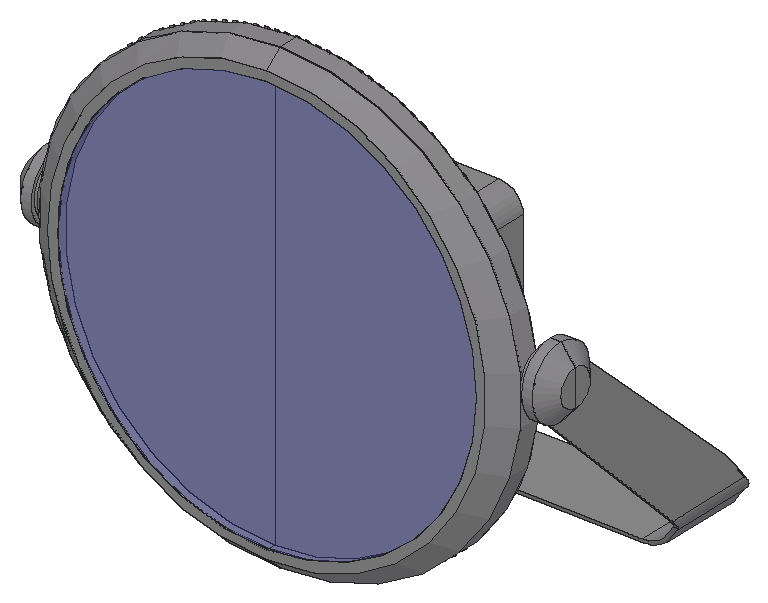
Revit family "APEX-800SP-50701-TR", category Lighting Fixtures, host Face, Revit 2022
Family settings
  Host = Face
  Round Connector Dimension = Use Diameter
  Part Type = Normal
  Cut with Voids When Loaded = Yes
  Light Source = Yes
  Maintain Annotation Orientation = No
  Shared = No
  Room Calculation Point = No
Parameters (values of type "APEX-800SP-800W-5000K-12D")
  Wattage Comments = "800W"
  Wattage = 894.023 W
  built-in parameter 1150110 = 1 (stored number, unit not read)
  URL = "https://www.abovealllighting.com/Product/LED-OUTDOOR-FIXTURES/LEDSportLight/APEXLEDSportLight-TrunnionMount.html"
  built-in parameter 1114217 = 1 (stored number, unit not read)
  Tilt Angle = 90.00°
  built-in parameter 1150109 = 1 (stored number, unit not read)
  built-in parameter 1150134 = 2
  built-in parameter 1150113 = 1 (stored number, unit not read)
  Power Factor = "0.9"
  Photometric Web File = "APEX-800SP-800W-5000K-CRI70-12D.IES"
  Model = "APEX-800SP-50701-TR-12-GY"
  Manufacturer = "Above All Lighting"  # constant formula
  built-in parameter 1150105 = 10567.9 (stored number, unit not read)
  Lumens = 132800 lm
  built-in parameter 1150115 = 1 (stored number, unit not read)
  Load Classification = Lighting
  built-in parameter 1150137 = (empty or 0)
  built-in parameter 1150139 = (empty or 0)
  built-in parameter 1150112 = 1 (stored number, unit not read)
  built-in parameter 1150114 = 1 (stored number, unit not read)
  Lamp = "LED"
  Input Voltage = "120-277V"
  built-in parameter 1150132 = 2
  built-in parameter 1150102 = (empty or 0)
  built-in parameter 1150107 = 5000 (stored number, unit not read)
  built-in parameter 1150138 = (empty or 0)
  built-in parameter 1150106 = 105.68 (stored number, unit not read)
  IP Rating = "IP66"
  IK Rating = "IK08"
  built-in parameter 1150104 = 13.8 (stored number, unit not read)
  Dimming Lamp Color Temperature Shift = <None>
  Default Elevation = 0' - 0"
  Color Filter = 16777215
  CRI = "70"
  Beam Angle = 12.00°
  built-in parameter 1114218 = 1 (stored number, unit not read)
  built-in parameter 1150133 = 10 (stored number, unit not read)
Types (7): name | Photometric Web File | Model | Beam Angle
  (no name) | "APEX-800SP-800W-5000K-CRI70-12D.IES" | "APEX-800SP-50701-TR-12-GY" | 12.00°
  APEX-800SP-800W-5000K-12D | "APEX-800SP-800W-5000K-CRI70-12D.IES" | "APEX-800SP-50701-TR-12-GY" | 12.00°
  APEX-800SP-800W-5000K-17D | "APEX-800SP-800W-5000K-CRI70-17D.IES" | "APEX-800SP-50701-TR-17-GY" | 17.00°
  APEX-800SP-800W-5000K-22D | "APEX-800SP-800W-5000K-CRI70-22D.IES" | "APEX-800SP-50701-TR-22-GY" | 22.00°
  APEX-800SP-800W-5000K-30D | "APEX-800SP-800W-5000K-CRI70-30D.IES" | "APEX-800SP-50701-TR-30-GY" | 30.00°
  APEX-800SP-800W-5000K-45D | "APEX-800SP-800W-5000K-CRI70-45D.IES" | "APEX-800SP-50701-TR-45-GY" | 45.00°
  APEX-800SP-800W-5000K-60D | "APEX-800SP-800W-5000K-CRI70-60D.IES" | "APEX-800SP-50701-TR-60-GY" | 60.00°
Reference planes (in)
  plane 1 "Center (Front/Back)": y = 0
  plane 2: z = 0
  plane 3 "Center (Left/Right)": x = 0
  plane 4: z = 20.77
  plane 5: x = -11.1
  plane 6: x = 11.1
  plane 7: y = 12.83
  plane 8: z = 10.06023
Forms (in)
  Extrusion 1, void
    sketch origin (0, 12.75, 2.80821) x (1, 0, 0) y (0, 0, 1)
      loop
        line (5.49708, 16.395) -> (5.49708, -2.5) -> (5.77638, -2.5) -> (5.77638, 16.395) -> (5.49708, 16.395)
      loop
        line (5.07886, 16.395) -> (5.07886, -2.5) -> (5.35816, -2.5) -> (5.35816, 16.395) -> (5.07886, 16.395)
      loop
        line (4.66063, 16.395) -> (4.66063, -2.5) -> (4.93993, -2.5) -> (4.93993, 16.395) -> (4.66063, 16.395)
      loop
        line (4.24241, 16.395) -> (4.24241, -2.5) -> (4.52171, -2.5) -> (4.52171, 16.395) -> (4.24241, 16.395)
      loop
        line (3.82419, 16.395) -> (3.82419, -2.5) -> (4.10349, -2.5) -> (4.10349, 16.395) -> (3.82419, 16.395)
      loop
        line (3.40597, 16.395) -> (3.40597, -2.5) -> (3.68527, -2.5) -> (3.68527, 16.395) -> (3.40597, 16.395)
      loop
        line (2.98775, 16.395) -> (2.98775, -2.5) -> (3.26705, -2.5) -> (3.26705, 16.395) -> (2.98775, 16.395)
      loop
        line (2.56953, 16.395) -> (2.56953, -2.5) -> (2.84883, -2.5) -> (2.84883, 16.395) -> (2.56953, 16.395)
      loop
        line (2.1513, 16.395) -> (2.1513, -2.5) -> (2.4306, -2.5) -> (2.4306, 16.395) -> (2.1513, 16.395)
      loop
        line (1.73308, 16.395) -> (1.73308, -2.5) -> (2.01238, -2.5) -> (2.01238, 16.395) -> (1.73308, 16.395)
      loop
        line (1.31486, 16.395) -> (1.31486, -2.5) -> (1.59416, -2.5) -> (1.59416, 16.395) -> (1.31486, 16.395)
      loop
        line (0.89664, 16.395) -> (0.89664, -2.5) -> (1.17594, -2.5) -> (1.17594, 16.395) -> (0.89664, 16.395)
      loop
        line (0.47842, 16.395) -> (0.47842, -2.5) -> (0.75772, -2.5) -> (0.75772, 16.395) -> (0.47842, 16.395)
      loop
        line (0.06019, 16.395) -> (0.06019, -2.5) -> (0.33949, -2.5) -> (0.33949, 16.395) -> (0.06019, 16.395)
      loop
        line (-5.49708, 16.395) -> (-5.77638, 16.395) -> (-5.77638, -2.5) -> (-5.49708, -2.5) -> (-5.49708, 16.395)
      loop
        line (-5.07886, 16.395) -> (-5.35816, 16.395) -> (-5.35816, -2.5) -> (-5.07886, -2.5) -> (-5.07886, 16.395)
      loop
        line (-4.66063, 16.395) -> (-4.93993, 16.395) -> (-4.93993, -2.5) -> (-4.66063, -2.5) -> (-4.66063, 16.395)
      loop
        line (-4.24241, 16.395) -> (-4.52171, 16.395) -> (-4.52171, -2.5) -> (-4.24241, -2.5) -> (-4.24241, 16.395)
      loop
        line (-3.82419, 16.395) -> (-4.10349, 16.395) -> (-4.10349, -2.5) -> (-3.82419, -2.5) -> (-3.82419, 16.395)
      loop
        line (-3.40597, 16.395) -> (-3.68527, 16.395) -> (-3.68527, -2.5) -> (-3.40597, -2.5) -> (-3.40597, 16.395)
      loop
        line (-2.98775, 16.395) -> (-3.26705, 16.395) -> (-3.26705, -2.5) -> (-2.98775, -2.5) -> (-2.98775, 16.395)
      loop
        line (-2.56953, 16.395) -> (-2.84883, 16.395) -> (-2.84883, -2.5) -> (-2.56953, -2.5) -> (-2.56953, 16.395)
      loop
        line (-2.1513, 16.395) -> (-2.4306, 16.395) -> (-2.4306, -2.5) -> (-2.1513, -2.5) -> (-2.1513, 16.395)
      loop
        line (-1.73308, 16.395) -> (-2.01238, 16.395) -> (-2.01238, -2.5) -> (-1.73308, -2.5) -> (-1.73308, 16.395)
      loop
        line (-1.31486, 16.395) -> (-1.59416, 16.395) -> (-1.59416, -2.5) -> (-1.31486, -2.5) -> (-1.31486, 16.395)
      loop
        line (-0.89664, 16.38524) -> (-1.17594, 16.38524) -> (-1.17594, -2.5) -> (-0.89664, -2.5) -> (-0.89664, 16.38524)
      loop
        line (-0.47842, 16.395) -> (-0.75772, 16.395) -> (-0.75772, -2.5) -> (-0.47842, -2.5) -> (-0.47842, 16.395)
      loop
        line (-0.06019, 16.38524) -> (-0.33949, 16.38524) -> (-0.33949, -2.5) -> (-0.06019, -2.5) -> (-0.06019, 16.38524)
      loop
        line (6.33352, 16.395) -> (6.33352, -2.5) -> (6.61282, -2.5) -> (6.61282, 16.395) -> (6.33352, 16.395)
      loop
        line (5.9153, 16.395) -> (5.9153, -2.5) -> (6.1946, -2.5) -> (6.1946, 16.395) -> (5.9153, 16.395)
      loop
        line (-6.33352, 16.395) -> (-6.61282, 16.395) -> (-6.61282, -2.5) -> (-6.33352, -2.5) -> (-6.33352, 16.395)
      loop
        line (-5.9153, 16.395) -> (-6.1946, 16.395) -> (-6.1946, -2.5) -> (-5.9153, -2.5) -> (-5.9153, 16.395)
      loop
        line (-7.16997, 16.395) -> (-7.44927, 16.395) -> (-7.44927, -2.5) -> (-7.16997, -2.5) -> (-7.16997, 16.395)
      loop
        line (-6.75174, 16.395) -> (-7.03104, 16.395) -> (-7.03104, -2.5) -> (-6.75174, -2.5) -> (-6.75174, 16.395)
      loop
        line (7.16997, 16.395) -> (7.16997, -2.5) -> (7.44927, -2.5) -> (7.44927, 16.395) -> (7.16997, 16.395)
      loop
        line (6.75174, 16.395) -> (6.75174, -2.5) -> (7.03104, -2.5) -> (7.03104, 16.395) -> (6.75174, 16.395)
    from 9.99863 to 11.24863
  Revolve 2, void
    sketch origin (0, 0, 2.80821) x (0, 1, 0) y (0, 0, 1)
      loop
        line (-0.23932, 6.87904) -> (0.3619, 6.87904) -> (0.3619, 15.2512) -> (-0.23932, 15.2512) -> (-0.23932, 6.87904)
      axis (0.3619, 6.87904) -> (-0.23932, 6.87904)
    angle from 0 to 360
  Extrusion 3, solid, material "Default"
    sketch origin (0, 15, 2.80821) x (1, 0, 0) y (0, 0, 1)
      loop
        line (4.54129, 10.75919) -> (-4.54129, 10.75919)
        arc (-4.54129, 10.75919) -> (-5.21714, 10.47925) -> (-5.49708, 9.80341) r 0.95578
        line (-5.49708, 9.80341) -> (-5.49708, 4.87612)
        arc (-5.49708, 4.87612) -> (-5.21714, 4.20028) -> (-4.54129, 3.92033) r 0.95578
        line (-4.54129, 3.92033) -> (4.54129, 3.92033)
        arc (4.54129, 3.92033) -> (5.21714, 4.20028) -> (5.49708, 4.87612) r 0.95578
        line (5.49708, 4.87612) -> (5.49708, 9.80341)
        arc (5.49708, 9.80341) -> (5.21714, 10.47925) -> (4.54129, 10.75919) r 0.95578
    from 9.10697 to 12.5
  Extrusion 4, solid, material "Default"
    sketch origin (0, 13.40137, 0) x (1, 0, 0) y (0, 0, 1)
      loop
        line (-9.64141, 11.36799) -> (-9.79259, 11.36799) -> (-9.79259, 2.26091)
        arc (-9.79259, 2.26091) -> (-9.70561, 1.86857) -> (-9.46097, 1.54976) r 0.92834
        line (-9.46097, 1.54976) -> (-8.52787, 0.49274)
        arc (-8.52787, 0.49274) -> (-8.01368, 0.15382) -> (-7.41736, 0) r 1.87274
        line (-7.41736, 0) -> (0, 0) -> (7.41736, 0)
        arc (7.41736, 0) -> (8.01368, 0.15382) -> (8.52787, 0.49274) r 1.87274
        line (8.52787, 0.49274) -> (9.46097, 1.54976)
        arc (9.46097, 1.54976) -> (9.70561, 1.86857) -> (9.79259, 2.26091) r 0.92834
        line (9.79259, 2.26091) -> (9.79259, 11.36799) -> (9.64141, 11.36799) -> (9.64141, 2.26091)
        arc (9.64141, 2.26091) -> (9.56629, 1.92757) -> (9.35546, 1.65867) r 0.77716
        line (9.35546, 1.65867) -> (8.41963, 0.59856)
        arc (8.41963, 0.59856) -> (7.95195, 0.29182) -> (7.41062, 0.15118) r 1.72156
        line (7.41062, 0.15118) -> (0, 0.15118) -> (-7.41062, 0.15118)
        arc (-7.41062, 0.15118) -> (-7.95195, 0.29182) -> (-8.41963, 0.59856) r 1.72156
        line (-8.41963, 0.59856) -> (-9.35546, 1.65867)
        arc (-9.35546, 1.65867) -> (-9.56629, 1.92757) -> (-9.64141, 2.26091) r 0.77716
        line (-9.64141, 2.26091) -> (-9.64141, 11.36799)
    from 0.24678 to 13.03947
  Extrusion 5, void
    sketch origin (0, 0, 0) x (0, 1, 0) y (0, 0, 1)
      loop
        spline (10.57224, 3.51305) -> (10.80505, 3.26837) -> (11.02966, 3.01513) -> (11.24609, 2.75332) -> (11.45433, 2.48296) -> (11.65439, 2.20403) -> (11.84625, 1.91653) -> (12.02993, 1.62048) -> (12.20542, 1.31586) -> (12.37271, 1.00268) -> (12.53183, 0.68094) -> (12.68275, 0.35064) -> (12.82548, 0.01177)
        line (12.82548, 0.01177) -> (12.82548, -0.31733) -> (13.15459, -0.31733) -> (13.15459, 11.8679) -> (-0.78521, 11.8679) -> (-0.78521, -0.09259) -> (9.5446, -0.09259)
        spline (9.5446, -0.09259) -> (9.48478, 0.07373) -> (9.42108, 0.23648) -> (9.3535, 0.39567) -> (9.28204, 0.5513) -> (9.2067, 0.70337) -> (9.12748, 0.85188) -> (9.04438, 0.99683) -> (8.9574, 1.13822) -> (8.86654, 1.27605) -> (8.77181, 1.41031) -> (8.67319, 1.54102) -> (8.57069, 1.66816)
        line (8.57069, 1.66816) -> (0.9267, 9.31215)
        arc (0.9267, 9.31215) -> (0.8888, 10.92691) -> (2.5, 11.04054) r 1.1699
        line (2.5, 11.04054) -> (10.57224, 3.51305)
    from -11.1 to 11.1
  Revolve 6, solid, material "Default"
    sketch origin (-1.2, 1.89632, 0.625) x (1, 0, 0) y (0, 0, 1)
      loop
        line (-8.59259, 9.43523) -> (-8.59259, 10.86007) -> (-9.00426, 10.86007) -> (-9.59369, 10.15761) -> (-9.59369, 9.43523) -> (-8.59259, 9.43523)
      axis (-8.59259, 9.43523) -> (-9.59369, 9.43523)
    angle from 0 to 360
  SweptBlend 7, solid, material "Default"
    path origin (0, 0, 2.80821) x (0, 1, 0) y (0, 0, 1)
      loop
        line (0, 7.25202) -> (0.65872, 7.25202)
    profile origin (0, 0, 10.06023) x (0, 0, 1) y (1, 0, 0)
      loop
        circle (-0.37298, 0) r 8.75
    end profile origin (0, 0.65872, 10.06023) x (0, 0, 1) y (1, 0, 0)
      loop
        spline (8.93949, 0) -> (8.62221, 2.49538) -> (7.69199, 4.82071) -> (6.21222, 6.81751) -> (4.28375, 8.34971) -> (2.03799, 9.31289) -> (-0.372, 9.64141) -> (-2.78199, 9.31289) -> (-5.02774, 8.34971) -> (-6.95622, 6.81751) -> (-8.43599, 4.82071) -> (-9.36621, 2.49538) -> (-9.68349, 0)
        spline (-9.68349, 0) -> (-9.36621, -2.49538) -> (-8.43599, -4.82071) -> (-6.95622, -6.81751) -> (-5.02774, -8.34971) -> (-2.78199, -9.31289) -> (-0.372, -9.64141) -> (2.03799, -9.31289) -> (4.28375, -8.34971) -> (6.21222, -6.81751) -> (7.69199, -4.82071) -> (8.62221, -2.49538) -> (8.93949, 0)
  Extrusion 8, solid, material "Glass"
    sketch origin (0, 0, 2.80821) x (1, 0, 0) y (0, 0, 1)
      loop
        circle (0, 6.87418) r 8.37217
    from -0.06301 to 0
  SweptBlend 9, solid, material "Default"
    path origin (0, 0, 2.80821) x (0, 1, 0) y (0, 0, 1)
      loop
        line (1.50137, 7.25202) -> (2.75137, 7.25202)
    profile origin (0, 1.50137, 10.06023) x (0, 0, 1) y (1, 0, 0)
      loop
        spline (8.93949, 0) -> (8.62221, 2.4925) -> (7.69199, 4.81515) -> (6.21222, 6.80965) -> (4.28375, 8.34008) -> (2.03799, 9.30215) -> (-0.372, 9.63029) -> (-2.78199, 9.30215) -> (-5.02774, 8.34008) -> (-6.95622, 6.80965) -> (-8.43599, 4.81515) -> (-9.36621, 2.4925) -> (-9.68349, 0)
        spline (-9.68349, 0) -> (-9.36621, -2.4925) -> (-8.43599, -4.81515) -> (-6.95622, -6.80965) -> (-5.02774, -8.34008) -> (-2.78199, -9.30215) -> (-0.372, -9.63029) -> (2.03799, -9.30215) -> (4.28375, -8.34008) -> (6.21222, -6.80965) -> (7.69199, -4.81515) -> (8.62221, -2.4925) -> (8.93949, 0)
    end profile origin (0, 2.75137, 10.06023) x (0, 0, 1) y (1, 0, 0)
      loop
        circle (-0.25, 0) r 7.5
  Extrusion 10, solid, material "Default"
    sketch origin (0, 0, 2.80821) x (1, 0, 0) y (0, 0, 1)
      loop
        spline (0, 16.19151) -> (-2.49538, 15.87423) -> (-4.82071, 14.94401) -> (-6.81751, 13.46424) -> (-8.34971, 11.53576) -> (-9.31289, 9.29001) -> (-9.64141, 6.88002) -> (-9.31289, 4.47003) -> (-8.34971, 2.22427) -> (-6.81751, 0.2958) -> (-4.82071, -1.18397) -> (-2.49538, -2.11419) -> (0, -2.43147)
        spline (0, -2.43147) -> (2.49538, -2.11419) -> (4.82071, -1.18397) -> (6.81751, 0.2958) -> (8.34971, 2.22427) -> (9.31289, 4.47003) -> (9.64141, 6.88002) -> (9.31289, 9.29001) -> (8.34971, 11.53576) -> (6.81751, 13.46424) -> (4.82071, 14.94401) -> (2.49538, 15.87423) -> (0, 16.19151)
    from -1.50137 to -0.65872
  Extrusion 11, solid, material "Default", not visible
    sketch origin (0, 13.40137, 0) x (1, 0, 0) y (0, 0, 1)
      loop
        line (-9.64141, 11.36799) -> (-9.79259, 11.36799) -> (-9.79259, 2.26091)
        arc (-9.79259, 2.26091) -> (-9.70561, 1.86857) -> (-9.46097, 1.54976) r 0.92834
        line (-9.46097, 1.54976) -> (-8.52787, 0.49274)
        arc (-8.52787, 0.49274) -> (-8.01368, 0.15382) -> (-7.41736, 0) r 1.87274
        line (-7.41736, 0) -> (0, 0) -> (7.41736, 0)
        arc (7.41736, 0) -> (8.01368, 0.15382) -> (8.52787, 0.49274) r 1.87274
        line (8.52787, 0.49274) -> (9.46097, 1.54976)
        arc (9.46097, 1.54976) -> (9.70561, 1.86857) -> (9.79259, 2.26091) r 0.92834
        line (9.79259, 2.26091) -> (9.79259, 11.36799) -> (9.64141, 11.36799) -> (9.64141, 2.26091)
        arc (9.64141, 2.26091) -> (9.56629, 1.92757) -> (9.35546, 1.65867) r 0.77716
        line (9.35546, 1.65867) -> (8.41963, 0.59856)
        arc (8.41963, 0.59856) -> (7.95195, 0.29182) -> (7.41062, 0.15118) r 1.72156
        line (7.41062, 0.15118) -> (0, 0.15118) -> (-7.41062, 0.15118)
        arc (-7.41062, 0.15118) -> (-7.95195, 0.29182) -> (-8.41963, 0.59856) r 1.72156
        line (-8.41963, 0.59856) -> (-9.35546, 1.65867)
        arc (-9.35546, 1.65867) -> (-9.56629, 1.92757) -> (-9.64141, 2.26091) r 0.77716
        line (-9.64141, 2.26091) -> (-9.64141, 11.36799)
    from 0.24678 to 13.03947
  Revolve 12, solid, material "Default", not visible
    sketch origin (-1.2, 1.89632, 0.625) x (1, 0, 0) y (0, 0, 1)
      loop
        line (-8.59259, 9.43523) -> (-8.59259, 10.86007) -> (-9.00426, 10.86007) -> (-9.59369, 10.15761) -> (-9.59369, 9.43523) -> (-8.59259, 9.43523)
      axis (-8.59259, 9.43523) -> (-9.59369, 9.43523)
    angle from 0 to 360
  Extrusion 13, void, not visible
    sketch origin (0, 12.75, 0) x (1, 0, 0) y (0, 0, 1)
      loop
        line (5.49708, 16.395) -> (5.49708, -2.5) -> (5.77638, -2.5) -> (5.77638, 16.395) -> (5.49708, 16.395)
      loop
        line (5.07886, 16.395) -> (5.07886, -2.5) -> (5.35816, -2.5) -> (5.35816, 16.395) -> (5.07886, 16.395)
      loop
        line (4.66063, 16.395) -> (4.66063, -2.5) -> (4.93993, -2.5) -> (4.93993, 16.395) -> (4.66063, 16.395)
      loop
        line (4.24241, 16.395) -> (4.24241, -2.5) -> (4.52171, -2.5) -> (4.52171, 16.395) -> (4.24241, 16.395)
      loop
        line (3.82419, 16.395) -> (3.82419, -2.5) -> (4.10349, -2.5) -> (4.10349, 16.395) -> (3.82419, 16.395)
      loop
        line (3.40597, 16.395) -> (3.40597, -2.5) -> (3.68527, -2.5) -> (3.68527, 16.395) -> (3.40597, 16.395)
      loop
        line (2.98775, 16.395) -> (2.98775, -2.5) -> (3.26705, -2.5) -> (3.26705, 16.395) -> (2.98775, 16.395)
      loop
        line (2.56953, 16.395) -> (2.56953, -2.5) -> (2.84883, -2.5) -> (2.84883, 16.395) -> (2.56953, 16.395)
      loop
        line (2.1513, 16.395) -> (2.1513, -2.5) -> (2.4306, -2.5) -> (2.4306, 16.395) -> (2.1513, 16.395)
      loop
        line (1.73308, 16.395) -> (1.73308, -2.5) -> (2.01238, -2.5) -> (2.01238, 16.395) -> (1.73308, 16.395)
      loop
        line (1.31486, 16.395) -> (1.31486, -2.5) -> (1.59416, -2.5) -> (1.59416, 16.395) -> (1.31486, 16.395)
      loop
        line (0.89664, 16.395) -> (0.89664, -2.5) -> (1.17594, -2.5) -> (1.17594, 16.395) -> (0.89664, 16.395)
      loop
        line (0.47842, 16.395) -> (0.47842, -2.5) -> (0.75772, -2.5) -> (0.75772, 16.395) -> (0.47842, 16.395)
      loop
        line (0.06019, 16.395) -> (0.06019, -2.5) -> (0.33949, -2.5) -> (0.33949, 16.395) -> (0.06019, 16.395)
      loop
        line (-5.49708, 16.395) -> (-5.77638, 16.395) -> (-5.77638, -2.5) -> (-5.49708, -2.5) -> (-5.49708, 16.395)
      loop
        line (-5.07886, 16.395) -> (-5.35816, 16.395) -> (-5.35816, -2.5) -> (-5.07886, -2.5) -> (-5.07886, 16.395)
      loop
        line (-4.66063, 16.395) -> (-4.93993, 16.395) -> (-4.93993, -2.5) -> (-4.66063, -2.5) -> (-4.66063, 16.395)
      loop
        line (-4.24241, 16.395) -> (-4.52171, 16.395) -> (-4.52171, -2.5) -> (-4.24241, -2.5) -> (-4.24241, 16.395)
      loop
        line (-3.82419, 16.395) -> (-4.10349, 16.395) -> (-4.10349, -2.5) -> (-3.82419, -2.5) -> (-3.82419, 16.395)
      loop
        line (-3.40597, 16.395) -> (-3.68527, 16.395) -> (-3.68527, -2.5) -> (-3.40597, -2.5) -> (-3.40597, 16.395)
      loop
        line (-2.98775, 16.395) -> (-3.26705, 16.395) -> (-3.26705, -2.5) -> (-2.98775, -2.5) -> (-2.98775, 16.395)
      loop
        line (-2.56953, 16.395) -> (-2.84883, 16.395) -> (-2.84883, -2.5) -> (-2.56953, -2.5) -> (-2.56953, 16.395)
      loop
        line (-2.1513, 16.395) -> (-2.4306, 16.395) -> (-2.4306, -2.5) -> (-2.1513, -2.5) -> (-2.1513, 16.395)
      loop
        line (-1.73308, 16.395) -> (-2.01238, 16.395) -> (-2.01238, -2.5) -> (-1.73308, -2.5) -> (-1.73308, 16.395)
      loop
        line (-1.31486, 16.395) -> (-1.59416, 16.395) -> (-1.59416, -2.5) -> (-1.31486, -2.5) -> (-1.31486, 16.395)
      loop
        line (-0.89664, 16.38524) -> (-1.17594, 16.38524) -> (-1.17594, -2.5) -> (-0.89664, -2.5) -> (-0.89664, 16.38524)
      loop
        line (-0.47842, 16.395) -> (-0.75772, 16.395) -> (-0.75772, -2.5) -> (-0.47842, -2.5) -> (-0.47842, 16.395)
      loop
        line (-0.06019, 16.38524) -> (-0.33949, 16.38524) -> (-0.33949, -2.5) -> (-0.06019, -2.5) -> (-0.06019, 16.38524)
      loop
        line (6.33352, 16.395) -> (6.33352, -2.5) -> (6.61282, -2.5) -> (6.61282, 16.395) -> (6.33352, 16.395)
      loop
        line (5.9153, 16.395) -> (5.9153, -2.5) -> (6.1946, -2.5) -> (6.1946, 16.395) -> (5.9153, 16.395)
      loop
        line (-6.33352, 16.395) -> (-6.61282, 16.395) -> (-6.61282, -2.5) -> (-6.33352, -2.5) -> (-6.33352, 16.395)
      loop
        line (-5.9153, 16.395) -> (-6.1946, 16.395) -> (-6.1946, -2.5) -> (-5.9153, -2.5) -> (-5.9153, 16.395)
      loop
        line (-7.16997, 16.395) -> (-7.44927, 16.395) -> (-7.44927, -2.5) -> (-7.16997, -2.5) -> (-7.16997, 16.395)
      loop
        line (-6.75174, 16.395) -> (-7.03104, 16.395) -> (-7.03104, -2.5) -> (-6.75174, -2.5) -> (-6.75174, 16.395)
      loop
        line (7.16997, 16.395) -> (7.16997, -2.5) -> (7.44927, -2.5) -> (7.44927, 16.395) -> (7.16997, 16.395)
      loop
        line (6.75174, 16.395) -> (6.75174, -2.5) -> (7.03104, -2.5) -> (7.03104, 16.395) -> (6.75174, 16.395)
    from 9.99863 to 11.24863
  Revolve 14, void, not visible
    sketch origin (0, 0, 0) x (0, 1, 0) y (0, 0, 1)
      loop
        line (-0.23932, 6.87904) -> (0.3619, 6.87904) -> (0.3619, 15.2512) -> (-0.23932, 15.2512) -> (-0.23932, 6.87904)
      axis (0.3619, 6.87904) -> (-0.23932, 6.87904)
    angle from 0 to 360
  Extrusion 15, solid, material "Default", not visible
    sketch origin (0, 15, 0) x (1, 0, 0) y (0, 0, 1)
      loop
        line (4.54129, 10.75919) -> (-4.54129, 10.75919)
        arc (-4.54129, 10.75919) -> (-5.21714, 10.47925) -> (-5.49708, 9.80341) r 0.95578
        line (-5.49708, 9.80341) -> (-5.49708, 4.87612)
        arc (-5.49708, 4.87612) -> (-5.21714, 4.20028) -> (-4.54129, 3.92033) r 0.95578
        line (-4.54129, 3.92033) -> (4.54129, 3.92033)
        arc (4.54129, 3.92033) -> (5.21714, 4.20028) -> (5.49708, 4.87612) r 0.95578
        line (5.49708, 4.87612) -> (5.49708, 9.80341)
        arc (5.49708, 9.80341) -> (5.21714, 10.47925) -> (4.54129, 10.75919) r 0.95578
    from 9.10697 to 12.5
  SweptBlend 16, solid, material "Default", not visible
    path origin (0, 0, 0) x (0, 1, 0) y (0, 0, 1)
      loop
        line (0, 7.25202) -> (0.65872, 7.25202)
    profile origin (0, 0, 7.25202) x (0, 0, 1) y (1, 0, 0)
      loop
        circle (-0.37298, 0) r 8.75
    end profile origin (0, 0.65872, 7.25202) x (0, 0, 1) y (1, 0, 0)
      loop
        spline (8.93949, 0) -> (8.62221, 2.49538) -> (7.69199, 4.82071) -> (6.21222, 6.81751) -> (4.28375, 8.34971) -> (2.03799, 9.31289) -> (-0.372, 9.64141) -> (-2.78199, 9.31289) -> (-5.02774, 8.34971) -> (-6.95622, 6.81751) -> (-8.43599, 4.82071) -> (-9.36621, 2.49538) -> (-9.68349, 0)
        spline (-9.68349, 0) -> (-9.36621, -2.49538) -> (-8.43599, -4.82071) -> (-6.95622, -6.81751) -> (-5.02774, -8.34971) -> (-2.78199, -9.31289) -> (-0.372, -9.64141) -> (2.03799, -9.31289) -> (4.28375, -8.34971) -> (6.21222, -6.81751) -> (7.69199, -4.82071) -> (8.62221, -2.49538) -> (8.93949, 0)
  Extrusion 17, solid, material "Glass", not visible
    sketch origin (0, 0, 0) x (1, 0, 0) y (0, 0, 1)
      loop
        circle (0, 6.87418) r 8.37217
    from -0.06301 to 0
  SweptBlend 18, solid, material "Default", not visible
    path origin (0, 0, 0) x (0, 1, 0) y (0, 0, 1)
      loop
        line (1.50137, 7.25202) -> (2.75137, 7.25202)
    profile origin (0, 1.50137, 7.25202) x (0, 0, 1) y (1, 0, 0)
      loop
        spline (8.93949, 0) -> (8.62221, 2.4925) -> (7.69199, 4.81515) -> (6.21222, 6.80965) -> (4.28375, 8.34008) -> (2.03799, 9.30215) -> (-0.372, 9.63029) -> (-2.78199, 9.30215) -> (-5.02774, 8.34008) -> (-6.95622, 6.80965) -> (-8.43599, 4.81515) -> (-9.36621, 2.4925) -> (-9.68349, 0)
        spline (-9.68349, 0) -> (-9.36621, -2.4925) -> (-8.43599, -4.81515) -> (-6.95622, -6.80965) -> (-5.02774, -8.34008) -> (-2.78199, -9.30215) -> (-0.372, -9.63029) -> (2.03799, -9.30215) -> (4.28375, -8.34008) -> (6.21222, -6.80965) -> (7.69199, -4.81515) -> (8.62221, -2.4925) -> (8.93949, 0)
    end profile origin (0, 2.75137, 7.25202) x (0, 0, 1) y (1, 0, 0)
      loop
        circle (-0.25, 0) r 7.5
  Extrusion 19, solid, material "Default", not visible
    sketch origin (0, 0, 0) x (1, 0, 0) y (0, 0, 1)
      loop
        spline (0, 16.19151) -> (-2.49538, 15.87423) -> (-4.82071, 14.94401) -> (-6.81751, 13.46424) -> (-8.34971, 11.53576) -> (-9.31289, 9.29001) -> (-9.64141, 6.88002) -> (-9.31289, 4.47003) -> (-8.34971, 2.22427) -> (-6.81751, 0.2958) -> (-4.82071, -1.18397) -> (-2.49538, -2.11419) -> (0, -2.43147)
        spline (0, -2.43147) -> (2.49538, -2.11419) -> (4.82071, -1.18397) -> (6.81751, 0.2958) -> (8.34971, 2.22427) -> (9.31289, 4.47003) -> (9.64141, 6.88002) -> (9.31289, 9.29001) -> (8.34971, 11.53576) -> (6.81751, 13.46424) -> (4.82071, 14.94401) -> (2.49538, 15.87423) -> (0, 16.19151)
    from -1.50137 to -0.65872
  Revolve 20, solid, material "Default"
    sketch origin (1.2, 1.89632, 0.625) x (-1, 0, 0) y (0, 0, -1)
      loop
        line (-8.59259, -9.43523) -> (-9.59369, -9.43523) -> (-9.59369, -10.15761) -> (-9.00426, -10.86007) -> (-8.59259, -10.86007) -> (-8.59259, -9.43523)
      axis (-8.59259, -9.43523) -> (-9.59369, -9.43523)
    angle from 0 to 360
  Revolve 21, solid, material "Default", not visible
    sketch origin (1.2, 1.89632, 0.625) x (-1, 0, 0) y (0, 0, -1)
      loop
        line (-8.59259, -9.43523) -> (-9.59369, -9.43523) -> (-9.59369, -10.15761) -> (-9.00426, -10.86007) -> (-8.59259, -10.86007) -> (-8.59259, -9.43523)
      axis (-8.59259, -9.43523) -> (-9.59369, -9.43523)
    angle from 0 to 360
Cuts and joins
  Revolve 2 cuts SweptBlend 7
  Extrusion 1 cuts SweptBlend 9
  Extrusion 5 cuts Extrusion 4
Dimensions and locks (in)
  aligned and locked: plane 2 to host face
  aligned and locked: level to host face
Automatic sketch dimensions
  host sketch curve to host sketch curve = 8' - 0"  (x2)
  Revolve 6 sketch curve to Revolve 6 sketch curve = 0' - 0.58943"
  Revolve 6 sketch curve to Revolve 6 sketch curve = 0' - 0.41167"
  Revolve 6 sketch curve to Revolve 6 sketch curve = 0' - 0.72238"
  Revolve 6 sketch curve to Revolve 6 sketch curve = 0' - 0.70246"
  Revolve 6 sketch curve to Revolve 6 sketch curve = 4' - 2.82499"
  Revolve 6 sketch curve to Revolve 6 sketch curve = 6' - 1.938"
  Revolve 6 sketch curve to Revolve 6 sketch curve = 0' - 0"
  Revolve 20 sketch curve to Revolve 20 sketch curve = 0' - 0.58943"
  Revolve 20 sketch curve to Revolve 20 sketch curve = 0' - 0.41167"
  Revolve 20 sketch curve to Revolve 20 sketch curve = 0' - 0.70246"
  Revolve 20 sketch curve to Revolve 20 sketch curve = 0' - 0.72238"
  Revolve 20 sketch curve to Revolve 20 sketch curve = 4' - 2.82499"
  Revolve 20 sketch curve to Revolve 20 sketch curve = 6' - 1.938"
  Revolve 20 sketch curve to Revolve 20 sketch curve = 0' - 0"
  Revolve 12 sketch curve to Revolve 12 sketch curve = 0' - 0.58943"
  Revolve 12 sketch curve to Revolve 12 sketch curve = 0' - 0.41167"
  Revolve 12 sketch curve to Revolve 12 sketch curve = 0' - 0.72238"
  Revolve 12 sketch curve to Revolve 12 sketch curve = 0' - 0.70246"
  Revolve 12 sketch curve to Revolve 12 sketch curve = 4' - 2.82499"
  Revolve 12 sketch curve to Revolve 12 sketch curve = 6' - 1.938"
  Revolve 12 sketch curve to Revolve 12 sketch curve = 0' - 0"
  Extrusion 4 sketch curve to Extrusion 4 sketch curve = 0' - 0"  (x9)
  Extrusion 4 sketch curve to Extrusion 4 sketch curve = 0' - 0.15118"  (x3)
  Extrusion 4 sketch curve to Extrusion 4 sketch curve = 0' - 0.18044"
  Extrusion 4 sketch curve to Extrusion 4 sketch curve = 0' - 0.10551"  (x2)
  Extrusion 4 sketch curve to Extrusion 4 sketch curve = 0' - 0.77716"  (x2)
  Extrusion 4 sketch curve to Extrusion 4 sketch curve = 0' - 0.93311"
  Extrusion 4 sketch curve to Extrusion 4 sketch curve = 0' - 0.10824"  (x2)
  Extrusion 4 sketch curve to Extrusion 4 sketch curve = 0' - 1.00226"
  Extrusion 4 sketch curve to Extrusion 4 sketch curve = 0' - 0.00674"  (x2)
  Extrusion 4 sketch curve to Extrusion 4 sketch curve = 0' - 1.61011"  (x2)
  Extrusion 4 sketch curve to Extrusion 4 sketch curve = 0' - 7.41062"
  Extrusion 4 sketch curve to Extrusion 4 sketch curve = 0' - 7.25414"
  Extrusion 4 sketch curve to Extrusion 4 sketch curve = 0' - 0.15648"
  Extrusion 4 sketch curve to Extrusion 4 sketch curve = 0' - 1.009"
  Extrusion 4 sketch curve to Extrusion 4 sketch curve = 0' - 0.49122"
  Extrusion 4 sketch curve to Extrusion 4 sketch curve = 0' - 0.34156"  (x2)
  Extrusion 4 sketch curve to Extrusion 4 sketch curve = 0' - 1.05701"  (x2)
  Extrusion 4 sketch curve to Extrusion 4 sketch curve = 0' - 9.10708"  (x2)
  Extrusion 11 sketch curve to Extrusion 11 sketch curve = 0' - 0"  (x9)
  Extrusion 11 sketch curve to Extrusion 11 sketch curve = 0' - 0.15118"  (x3)
  Extrusion 11 sketch curve to Extrusion 11 sketch curve = 0' - 0.18044"
  Extrusion 11 sketch curve to Extrusion 11 sketch curve = 0' - 0.10551"  (x2)
  Extrusion 11 sketch curve to Extrusion 11 sketch curve = 0' - 0.77716"  (x2)
  Extrusion 11 sketch curve to Extrusion 11 sketch curve = 0' - 0.93311"
  Extrusion 11 sketch curve to Extrusion 11 sketch curve = 0' - 0.10824"  (x2)
  Extrusion 11 sketch curve to Extrusion 11 sketch curve = 0' - 1.00226"
  Extrusion 11 sketch curve to Extrusion 11 sketch curve = 0' - 0.00674"  (x2)
  Extrusion 11 sketch curve to Extrusion 11 sketch curve = 0' - 1.61011"  (x2)
  Extrusion 11 sketch curve to Extrusion 11 sketch curve = 0' - 7.41062"
  Extrusion 11 sketch curve to Extrusion 11 sketch curve = 0' - 7.25414"
  Extrusion 11 sketch curve to Extrusion 11 sketch curve = 0' - 0.15648"
  Extrusion 11 sketch curve to Extrusion 11 sketch curve = 0' - 1.009"
  Extrusion 11 sketch curve to Extrusion 11 sketch curve = 0' - 0.49122"
  Extrusion 11 sketch curve to Extrusion 11 sketch curve = 0' - 0.34156"  (x2)
  Extrusion 11 sketch curve to Extrusion 11 sketch curve = 0' - 1.05701"  (x2)
  Extrusion 11 sketch curve to Extrusion 11 sketch curve = 0' - 9.10708"  (x2)
  SweptBlend 7 sketch curve to profile plane = 0' - 0"  (x2)
  profile plane to SweptBlend 7 sketch curve = 0' - 0.37298"
  SweptBlend 7 sketch curve to SweptBlend 7 sketch curve = 0' - 0.65872"
  SweptBlend 16 sketch curve to profile plane = 0' - 0"  (x2)
  profile plane to SweptBlend 16 sketch curve = 0' - 0.37298"
  SweptBlend 16 sketch curve to SweptBlend 16 sketch curve = 0' - 0.65872"
  profile plane to SweptBlend 7 sketch curve = 0' - 9.68349"
  profile plane to SweptBlend 7 sketch curve = 0' - 0.372"
  Extrusion 10 sketch curve to Extrusion 10 sketch curve = 0' - 9.31149"
  profile plane to SweptBlend 16 sketch curve = 0' - 9.68349"
  profile plane to SweptBlend 16 sketch curve = 0' - 0.372"
  Extrusion 19 sketch curve to Extrusion 19 sketch curve = 0' - 9.31149"
  Revolve 2 sketch curve to Revolve 2 sketch curve = 0' - 0.60122"
  Revolve 2 sketch curve to Revolve 2 sketch curve = 0' - 8.37216"
  Revolve 2 sketch curve to Revolve 2 sketch curve = 0' - 10.67534"
  Revolve 2 sketch curve to Revolve 2 sketch curve = 1' - 2.94512"
  Revolve 2 sketch curve to Revolve 2 sketch curve = 0' - 0"
  Revolve 14 sketch curve to Revolve 14 sketch curve = 0' - 0.60122"
  Revolve 14 sketch curve to Revolve 14 sketch curve = 0' - 8.37216"
  Revolve 14 sketch curve to Revolve 14 sketch curve = 0' - 10.67534"
  Revolve 14 sketch curve to Revolve 14 sketch curve = 1' - 2.94512"
  Revolve 14 sketch curve to Revolve 14 sketch curve = 0' - 0"
  profile plane to SweptBlend 9 sketch curve = 0' - 0 1/4"
  SweptBlend 9 sketch curve to profile plane = 0' - 0"  (x2)
  SweptBlend 9 sketch curve to SweptBlend 9 sketch curve = 0' - 1 1/4"
  Extrusion 1 sketch curve to Extrusion 1 sketch curve = 0' - 0.2793"  (x36)
  Extrusion 1 sketch curve to Extrusion 1 sketch curve = 0' - 0.13892"  (x34)
  Extrusion 1 sketch curve to Extrusion 1 sketch curve = 0' - 0.12039"
  Extrusion 1 sketch curve to Extrusion 1 sketch curve = 0' - 0"  (x66)
  Extrusion 1 sketch curve to Extrusion 1 sketch curve = 1' - 6.88524"
  Extrusion 1 sketch curve to Extrusion 1 sketch curve = 0' - 0.00976"  (x4)
  profile plane to SweptBlend 18 sketch curve = 0' - 0 1/4"
  SweptBlend 18 sketch curve to profile plane = 0' - 0"  (x2)
  SweptBlend 18 sketch curve to SweptBlend 18 sketch curve = 0' - 1 1/4"
  Extrusion 13 sketch curve to Extrusion 13 sketch curve = 0' - 0.2793"  (x36)
  Extrusion 13 sketch curve to Extrusion 13 sketch curve = 0' - 0.13892"  (x34)
  Extrusion 13 sketch curve to Extrusion 13 sketch curve = 0' - 0.12039"
  Extrusion 13 sketch curve to Extrusion 13 sketch curve = 0' - 0"  (x66)
  Extrusion 13 sketch curve to Extrusion 13 sketch curve = 1' - 6.88524"
  Extrusion 13 sketch curve to Extrusion 13 sketch curve = 0' - 0.00976"  (x4)
  Extrusion 3 sketch curve to Extrusion 3 sketch curve = 0' - 0.95578"  (x3)
  Extrusion 3 sketch curve to Extrusion 3 sketch curve = 0' - 9.08259"
  Extrusion 3 sketch curve to Extrusion 3 sketch curve = 0' - 0"  (x2)
  Extrusion 3 sketch curve to Extrusion 3 sketch curve = 0' - 4.92729"
  Extrusion 15 sketch curve to Extrusion 15 sketch curve = 0' - 0.95578"  (x3)
  Extrusion 15 sketch curve to Extrusion 15 sketch curve = 0' - 9.08259"
  Extrusion 15 sketch curve to Extrusion 15 sketch curve = 0' - 0"  (x2)
  Extrusion 15 sketch curve to Extrusion 15 sketch curve = 0' - 4.92729"
  profile plane to SweptBlend 9 sketch curve = 0' - 9.68349"
  profile plane to SweptBlend 9 sketch curve = 0' - 0.372"
  profile plane to SweptBlend 18 sketch curve = 0' - 9.68349"
  profile plane to SweptBlend 18 sketch curve = 0' - 0.372"
  Extrusion 5 sketch curve to level = 0' - 0.09259"
  plane 1 "Center (Front/Back)" to Extrusion 5 sketch curve = 0' - 0.78521"
  Extrusion 5 sketch curve to plane 1 "Center (Front/Back)" = 0' - 0.9267"
  Extrusion 5 sketch curve to plane 8 = 0' - 0.07916"
  Extrusion 5 sketch curve to Extrusion 5 sketch curve = 0' - 0.82724"
  Extrusion 5 sketch curve to plane 8 = 0' - 0.98031"
  Extrusion 5 sketch curve to Extrusion 5 sketch curve = 0' - 0.74606"
  level to Extrusion 5 sketch curve = 0' - 1.66816"
  Extrusion 5 sketch curve to plane 7 = 0' - 4.25931"
  Extrusion 5 sketch curve to Extrusion 5 sketch curve = 0' - 0.97391"
  Extrusion 5 sketch curve to plane 7 = 0' - 2.25776"
  Extrusion 5 sketch curve to plane 7 = 0' - 0.00452"
  plane 7 to Extrusion 5 sketch curve = 0' - 0.32459"
  Extrusion 5 sketch curve to level = 0' - 0.31733"
  level to Extrusion 5 sketch curve = 0' - 0.01177"
  Extrusion 5 sketch curve to Extrusion 5 sketch curve = 0' - 1.84489"
  Extrusion 5 sketch curve to plane 8 = 0' - 1.80767"
  radius of SweptBlend 7 sketch curve = 0' - 8 3/4"
  radius of SweptBlend 16 sketch curve = 0' - 8 3/4"
  radius of Extrusion 8 sketch curve = 0' - 8.37217"
  radius of Extrusion 17 sketch curve = 0' - 8.37217"
  radius of SweptBlend 9 sketch curve = 0' - 7 1/2"
  radius of SweptBlend 18 sketch curve = 0' - 7 1/2"
